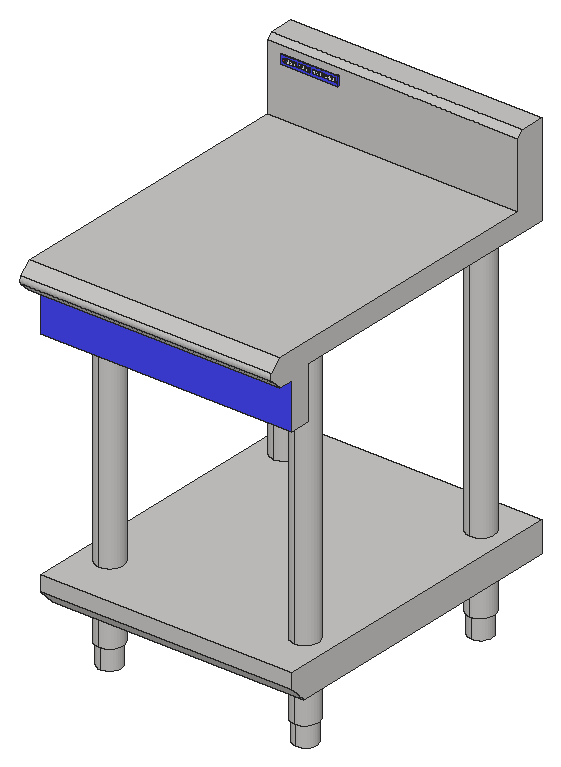
Revit family "QF_MOFFAT_BLUESEAL_CE_B60-LS", category Specialty Equipment, Revit 2012
Parameters
  Weight in Pounds = 103  # constant formula
  Width [instance] = 600.00 mm  # constant formula
  URL Cutsheet = "www.moffat.com"
  URL = "www.moffat.com"
  Type Mark [instance] = ""
  Status [instance] = ""
  Specification by User [instance] = ""
  Specification by Manufacturer = ""
  Show Logo [instance] = yes
  Show Casters [instance] = no
  Serial Number = ""
  Seismic Rating = ""
  SMACNA No = ""
  Revision Code [instance] = ""
  Omniclass Number and Title = ""
  NAFEM Spec ID Number = ""
  Model = "B60-LS"
  Masterspec = ""
  Manufacturer = "MOFFAT BLUESEAL"
  Legs [instance] = not(Show Casters)  # yes
  Item Number [instance] = ""
  Installed By [instance] = ""
  Identify Quantity as Lot [instance] = yes
  Height = 1085.00 mm  # constant formula
  Furnished By [instance] = ""
  Foodservice Equipment Identifier [instance] = yes
  Description = "600MM BENCH TOP ON LEG STAND"
  Depth [instance] = 812.00 mm  # constant formula
  CSI MasterFormat = ""
  CSI Master Format = ""
  Back Splash [instance] = 57.00 mm  # constant formula
Reference planes
  plane 1 "BACK": y = 0
  plane 2: z = 0
  plane 3 "LEFT": x = 0
  plane 4 "RIGHT": x = 600
  plane 5 "FRONT": y = -812
  plane 6 "TOP": z = 972
  plane 7 "Center Y": x = 300
  plane 8 "Center X": y = -406
  plane 9 "Base Height": z = 150
  plane 10: z = 915
  plane 11: x = 65
  plane 12: x = 384
  plane 13: y = -625
  plane 14: y = -100
  plane 15: z = 1085
  plane 16: x = 450
Forms (mm)
  Extrusion 1, solid, material "QF_Finishes_Stainless Steel"
    sketch origin (0, 0, 0) x (0, 1, 0) y (0, 0, 1)
      loop
        line (0, 222.5) -> (-749, 222.5) -> (-749, 186) -> (-713, 150) -> (0, 150) -> (0, 222.5)
      loop
        line (-70, 915) -> (-783.97, 915) -> (-808.485, 890.485)
        arc (-808.485, 890.485) -> (-811.999, 882) -> (-808.485, 873.515) r 12
        line (-808.485, 873.515) -> (-784.97, 850) -> (-749, 850) -> (-749, 740) -> (-699, 740) -> (-699, 864.5) -> (0, 864.5) -> (0, 1085.5) -> (-57, 1085.5) -> (-70, 1072.5) -> (-70, 915)
    from 0 to 600
  Revolve 2, solid, material "QF_Finishes_Stainless Steel"
    sketch origin (65, -728, 0) x (0, 1, 0) y (0, 0, 1)
      loop
        line (71.25, 864.5) -> (71.25, 50) -> (75.5, 50) -> (75.5, 0) -> (103, 0) -> (103, 864.5) -> (71.25, 864.5)
      axis (103, 864.5) -> (103, 0)
    angle from 0 to 360
  Revolve 3, solid, material "QF_Finishes_Stainless Steel"
    sketch origin (534, -728, 0) x (0, 1, 0) y (0, 0, -1)
      loop
        line (71.25, -864.5) -> (103, -864.5) -> (103, 0) -> (75.5, 0) -> (75.5, -50) -> (71.25, -50) -> (71.25, -864.5)
      axis (103, -864.5) -> (103, 0)
    angle from 0 to 360
  Revolve 4, solid, material "QF_Finishes_Stainless Steel", visible <- "Show Casters"
    sketch origin (15.776, -99.755, -13.653) x (1, 0, 0) y (0, 0, 1)
      loop
        line (14.841, 63.604) -> (83.584, 63.604) -> (83.584, 67.109) -> (82.314, 68.379) -> (80.79, 68.379) -> (80.79, 71.826) -> (68.644, 71.826) -> (68.644, 81.79) -> (65.088, 83.843) -> (63.738, 92.179) -> (65.881, 92.179) -> (65.881, 98.529) -> (65.088, 98.529) -> (65.088, 104.879)
        arc (65.088, 104.879) -> (62.298, 111.614) -> (55.563, 114.404) r 9.525
        line (55.563, 114.404) -> (42.863, 114.404)
        arc (42.863, 114.404) -> (36.127, 111.614) -> (33.338, 104.879) r 9.525
        line (33.338, 104.879) -> (33.338, 98.529) -> (32.544, 98.529) -> (32.544, 92.179) -> (34.687, 92.179) -> (33.352, 83.932) -> (29.782, 81.871) -> (29.782, 71.826) -> (17.635, 71.826) -> (17.635, 68.379) -> (16.111, 68.379) -> (14.841, 67.109) -> (14.841, 63.604)
      axis (14.841, 63.604) -> (83.584, 63.604)
    angle from 0 to 360
  Extrusion 5, solid, material "QF_Finishes_Stainless Steel", visible <- "Show Casters"
    sketch origin (71.501, 133.353, -8.783) x (0, 1, 0) y (0, 0, 1)
      loop
        line (-201.603, 118.783) -> (-265.103, 118.783) -> (-252.746, 53.895)
        arc (-252.746, 53.895) -> (-233.353, 38.783) -> (-213.959, 53.895) r 20
        line (-213.959, 53.895) -> (-201.603, 118.783)
    from -35.667 to 22.923
  Revolve 6, solid, material "QF_Finishes_Stainless Steel", visible <- "Show Casters"
    sketch origin (65, -203, 0) x (0, 1, 0) y (0, 0, 1)
      loop
        line (67.25, 150) -> (67.25, 110) -> (103, 110) -> (103, 150) -> (67.25, 150)
      axis (103, 150) -> (103, 110)
    angle from 0 to 360
  Revolve 7, solid, material "QF_Finishes_Stainless Steel", visible <- "Show Casters"
    sketch origin (534, -203, 0) x (0, 1, 0) y (0, 0, -1)
      loop
        line (67.25, -150) -> (103, -150) -> (103, -110) -> (67.25, -110) -> (67.25, -150)
      axis (103, -150) -> (103, -110)
    angle from 0 to 360
  Revolve 8, solid, material "QF_Finishes_Stainless Steel", visible <- "Show Casters"
    sketch origin (484.776, -99.755, -13.653) x (1, 0, 0) y (0, 0, 1)
      loop
        line (14.841, 63.604) -> (83.584, 63.604) -> (83.584, 67.109) -> (82.314, 68.379) -> (80.79, 68.379) -> (80.79, 71.826) -> (68.644, 71.826) -> (68.644, 81.79) -> (65.088, 83.843) -> (63.738, 92.179) -> (65.881, 92.179) -> (65.881, 98.529) -> (65.088, 98.529) -> (65.088, 104.879)
        arc (65.088, 104.879) -> (62.298, 111.614) -> (55.563, 114.404) r 9.525
        line (55.563, 114.404) -> (42.863, 114.404)
        arc (42.863, 114.404) -> (36.127, 111.614) -> (33.338, 104.879) r 9.525
        line (33.338, 104.879) -> (33.338, 98.529) -> (32.544, 98.529) -> (32.544, 92.179) -> (34.687, 92.179) -> (33.352, 83.932) -> (29.782, 81.871) -> (29.782, 71.826) -> (17.635, 71.826) -> (17.635, 68.379) -> (16.111, 68.379) -> (14.841, 67.109) -> (14.841, 63.604)
      axis (14.841, 63.604) -> (83.584, 63.604)
    angle from 0 to 360
  Extrusion 9, solid, material "QF_Finishes_Stainless Steel", visible <- "Show Casters"
    sketch origin (540.501, 133.353, -8.783) x (0, 1, 0) y (0, 0, 1)
      loop
        line (-201.603, 118.783) -> (-265.103, 118.783) -> (-252.746, 53.895)
        arc (-252.746, 53.895) -> (-233.353, 38.783) -> (-213.959, 53.895) r 20
        line (-213.959, 53.895) -> (-201.603, 118.783)
    from -35.667 to 22.923
  Revolve 10, solid, material "QF_Finishes_Stainless Steel", visible <- "Legs"
    sketch origin (65, -165, 0) x (0, 1, 0) y (0, 0, 1)
      loop
        line (33.25, 150) -> (33.25, 50) -> (37.5, 50) -> (37.5, 0) -> (65, 0) -> (65, 150) -> (33.25, 150)
      axis (65, 150) -> (65, 0)
    angle from 0 to 360
  Revolve 11, solid, material "QF_Finishes_Stainless Steel", visible <- "Legs"
    sketch origin (534, -165, 0) x (0, 1, 0) y (0, 0, -1)
      loop
        line (33.25, -150) -> (65, -150) -> (65, 0) -> (37.5, 0) -> (37.5, -50) -> (33.25, -50) -> (33.25, -150)
      axis (65, -150) -> (65, 0)
    angle from 0 to 360
  Revolve 12, solid, material "QF_Finishes_Stainless Steel"
    sketch origin (65, -203, 150) x (0, 1, 0) y (0, 0, 1)
      loop
        line (71.25, 714.5) -> (71.25, 50) -> (75.5, 50) -> (75.5, 0) -> (103, 0) -> (103, 714.5) -> (71.25, 714.5)
      axis (103, 714.5) -> (103, 0)
    angle from 0 to 360
  Revolve 13, solid, material "QF_Finishes_Stainless Steel"
    sketch origin (534, -203, 150) x (0, 1, 0) y (0, 0, -1)
      loop
        line (71.25, -714.5) -> (103, -714.5) -> (103, 0) -> (75.5, 0) -> (75.5, -50) -> (71.25, -50) -> (71.25, -714.5)
      axis (103, -714.5) -> (103, 0)
    angle from 0 to 360
Cuts and joins
  joined: Extrusion 1, Revolve 2, Revolve 3, Revolve 12, Revolve 13
Lines and regions (mm)
  Split face 1
    outline origin (600, 0, 1085.5) x (-1, 0, 0) y (0, -1, 0)
      loop
        arc (567.204, 18.385) -> (575.864, 23.385) -> (575.864, 33.385) r 10
        line (575.864, 33.385) -> (571.822, 40.385)
        arc (571.822, 40.385) -> (568.162, 44.045) -> (563.162, 45.385) r 10
        line (563.162, 45.385) -> (335.093, 45.385)
        arc (335.093, 45.385) -> (326.433, 40.385) -> (326.433, 30.385) r 10
        line (326.433, 30.385) -> (330.474, 23.385)
        arc (330.474, 23.385) -> (334.135, 19.725) -> (339.135, 18.385) r 10
        line (339.135, 18.385) -> (567.204, 18.385)
  Split face 2
    outline origin (916.218, 0.927, 1085.5) x (-1, 0, 0) y (0, -1, 0)
      loop
        arc (583.305, 19.313) -> (591.965, 24.313) -> (591.965, 34.313) r 10
        line (591.965, 34.313) -> (587.923, 41.313)
        arc (587.923, 41.313) -> (584.263, 44.973) -> (579.263, 46.313) r 10
        line (579.263, 46.313) -> (351.194, 46.313)
        arc (351.194, 46.313) -> (342.534, 41.313) -> (342.534, 31.313) r 10
        line (342.534, 31.313) -> (346.575, 24.313)
        arc (346.575, 24.313) -> (350.236, 20.652) -> (355.236, 19.313) r 10
        line (355.236, 19.313) -> (583.305, 19.313)
  symbolic lines
    curve 1: line (0, 0, 0) -> (0, -812, 0)
    curve 2: line (600, 0, 0) -> (0, 0, 0)
    curve 3: line (600, -812, 0) -> (600, 0, 0)
    curve 4: line (0, -70, 0) -> (600, -70, 0)
    curve 5: line (0, -812, 0) -> (600, -812, 0)
    curve 10: line (36.838, -45.385, 0) -> (264.796, -45.385, 0)
    curve 11: arc (264.796, -45.385, 0) -> (273.457, -40.385, 0) -> (273.457, -30.385, 0) r 10
    curve 12: line (273.457, -30.385, 0) -> (269.415, -23.385, 0)
    curve 13: arc (269.415, -23.385, 0) -> (265.755, -19.725, 0) -> (260.755, -18.385, 0) r 10
    curve 14: line (260.755, -18.385, 0) -> (32.796, -18.385, 0)
    curve 15: arc (32.796, -18.385, 0) -> (24.136, -23.385, 0) -> (24.136, -33.385, 0) r 10
    curve 16: line (24.136, -33.385, 0) -> (28.178, -40.385, 0)
    curve 17: arc (28.178, -40.385, 0) -> (31.838, -44.045, 0) -> (36.838, -45.385, 0) r 10
    curve 18: line (336.954, -45.385, 0) -> (564.913, -45.385, 0)
    curve 19: arc (564.913, -45.385, 0) -> (573.573, -40.385, 0) -> (573.573, -30.385, 0) r 10
    curve 20: line (573.573, -30.385, 0) -> (569.532, -23.385, 0)
    curve 21: arc (569.532, -23.385, 0) -> (565.872, -19.725, 0) -> (560.872, -18.385, 0) r 10
    curve 22: line (560.872, -18.385, 0) -> (332.913, -18.385, 0)
    curve 23: arc (332.913, -18.385, 0) -> (324.253, -23.385, 0) -> (324.253, -33.385, 0) r 10
    curve 24: line (324.253, -33.385, 0) -> (328.294, -40.385, 0)
    curve 25: arc (328.294, -40.385, 0) -> (331.954, -44.045, 0) -> (336.954, -45.385, 0) r 10
  symbolic lines, style "SpecialityEquipmentHiddenLines", visible <- "Show Casters"
    curve 6: line (78.456, -47.735, 0) -> (105.952, -63.61, 0)
    curve 7: line (27.656, -135.723, 0) -> (78.456, -47.735, 0)
    curve 8: line (55.152, -151.598, 0) -> (27.656, -135.723, 0)
    curve 9: line (105.952, -63.61, 0) -> (55.152, -151.598, 0)
    curve 26: line (547.456, -47.735, 0) -> (574.952, -63.61, 0)
    curve 27: line (496.656, -135.723, 0) -> (547.456, -47.735, 0)
    curve 28: line (524.152, -151.598, 0) -> (496.656, -135.723, 0)
    curve 29: line (574.952, -63.61, 0) -> (524.152, -151.598, 0)
Dimensions and locks
  equal spacing: plane 3 "LEFT", plane 7 "Center Y", plane 4 "RIGHT"
  "Width": plane 3 "LEFT" to plane 4 "RIGHT"
  equal spacing: plane 5 "FRONT", plane 8 "Center X", plane 1 "BACK"
  "Depth": plane 5 "FRONT" to plane 1 "BACK"
  locked: plane 10 to level at 915
  locked: plane 9 "Base Height" to level at 150
  plane 6 "TOP" to plane 10 = 57.00 mm
  plane 13 to plane 14 = 525.00 mm
  plane 12 to plane 11 = 319.00 mm
  "Height": plane 15 to level
  Extrusion 1 sketch curve to level = 915.00 mm
  Revolve 4 sketch curve to Revolve 4 sketch curve = 50.80 mm
  Revolve 8 sketch curve to Revolve 8 sketch curve = 50.80 mm
  aligned and locked: level to plane 2
Automatic sketch dimensions
  Extrusion 1 sketch curve to plane 9 "Base Height" = 0.00 mm
  Extrusion 1 sketch curve to plane 1 "BACK" = 0.00 mm  (x2)
  plane 15 to Extrusion 1 sketch curve = 0.50 mm
  plane 14 to Extrusion 1 sketch curve = 43.00 mm
  Extrusion 1 sketch curve to plane 15 = 12.50 mm
  Extrusion 1 sketch curve to Extrusion 1 sketch curve = 13.00 mm
  Extrusion 1 sketch curve to plane 13 = 74.00 mm
  Extrusion 1 sketch curve to plane 13 = 88.00 mm
  Extrusion 1 sketch curve to Extrusion 1 sketch curve = 50.00 mm
  Extrusion 1 sketch curve to Extrusion 1 sketch curve = 36.00 mm
  Extrusion 1 sketch curve to plane 5 "FRONT" = 28.03 mm
  Extrusion 1 sketch curve to plane 5 "FRONT" = 27.03 mm
  Extrusion 1 sketch curve to plane 5 "FRONT" = 12.001 mm
  Extrusion 1 sketch curve to plane 5 "FRONT" = 3.515 mm  (x2)
  plane 9 "Base Height" to Extrusion 1 sketch curve = 36.00 mm
  Extrusion 1 sketch curve to Extrusion 1 sketch curve = 36.50 mm
  Extrusion 1 sketch curve to plane 10 = 175.00 mm
  Extrusion 1 sketch curve to plane 10 = 65.00 mm
  Extrusion 1 sketch curve to plane 10 = 50.50 mm
  Extrusion 1 sketch curve to Extrusion 1 sketch curve = 23.515 mm
  Extrusion 1 sketch curve to Extrusion 1 sketch curve = 8.485 mm
  Revolve 2 sketch curve to level = 0.00 mm
  Revolve 2 sketch curve to plane 13 = 0.00 mm  (x2)
  Revolve 2 sketch curve to plane 13 = 27.50 mm
  Revolve 2 sketch curve to Revolve 2 sketch curve = 31.75 mm
  Revolve 2 sketch curve to Revolve 2 sketch curve = 55.00 mm
  level to Revolve 2 sketch curve = 50.00 mm
  Revolve 2 sketch curve to Revolve 2 sketch curve = 0.00 mm
  Revolve 2 sketch curve to plane 10 = 50.50 mm
  Revolve 3 sketch curve to level = 0.00 mm
  Revolve 3 sketch curve to plane 13 = 0.00 mm  (x2)
  Revolve 3 sketch curve to plane 13 = 27.50 mm
  Revolve 3 sketch curve to plane 13 = 31.75 mm
  level to Revolve 3 sketch curve = 50.00 mm
  Revolve 3 sketch curve to Revolve 3 sketch curve = 0.00 mm
  Revolve 3 sketch curve to plane 10 = 50.50 mm
  Revolve 3 sketch curve to Revolve 3 sketch curve = 55.00 mm
  plane 3 "LEFT" to Revolve 4 sketch curve = 30.618 mm
  Revolve 4 sketch curve to Revolve 4 sketch curve = 1.27 mm  (x4)
  Revolve 4 sketch curve to Revolve 4 sketch curve = 1.524 mm  (x2)
  Revolve 4 sketch curve to Revolve 4 sketch curve = 12.146 mm  (x2)
  Revolve 4 sketch curve to plane 11 = 16.68 mm
  Revolve 4 sketch curve to Revolve 4 sketch curve = 0.794 mm  (x2)
  Revolve 4 sketch curve to Revolve 4 sketch curve = 3.57 mm
  Revolve 4 sketch curve to Revolve 4 sketch curve = 2.143 mm
  Revolve 4 sketch curve to plane 11 = 6.361 mm
  plane 11 to Revolve 4 sketch curve = 5.13 mm
  plane 11 to Revolve 4 sketch curve = 6.339 mm
  plane 11 to Revolve 4 sketch curve = 14.515 mm
  Revolve 4 sketch curve to Revolve 4 sketch curve = 1.349 mm  (x2)
  Revolve 4 sketch curve to Revolve 4 sketch curve = 3.556 mm
  Revolve 4 sketch curve to Revolve 4 sketch curve = 33.32 mm
  level to Revolve 4 sketch curve = 49.952 mm
  Revolve 4 sketch curve to Revolve 4 sketch curve = 0.00 mm
  Revolve 4 sketch curve to Revolve 4 sketch curve = 3.505 mm  (x2)
  Revolve 4 sketch curve to Revolve 4 sketch curve = 3.447 mm  (x2)
  Revolve 4 sketch curve to Revolve 4 sketch curve = 9.964 mm
  Revolve 4 sketch curve to Revolve 4 sketch curve = 10.045 mm
  Revolve 4 sketch curve to Revolve 4 sketch curve = 2.053 mm
  Revolve 4 sketch curve to Revolve 4 sketch curve = 2.061 mm
  Revolve 4 sketch curve to Revolve 4 sketch curve = 8.247 mm
  Revolve 4 sketch curve to Revolve 4 sketch curve = 8.336 mm
  Revolve 4 sketch curve to Revolve 4 sketch curve = 6.35 mm  (x2)
  Extrusion 5 sketch curve to plane 14 = 0.00 mm
  Extrusion 5 sketch curve to plane 14 = 19.393 mm
  Extrusion 5 sketch curve to plane 14 = 31.75 mm
  plane 14 to Extrusion 5 sketch curve = 19.393 mm
  plane 14 to Extrusion 5 sketch curve = 31.75 mm
  level to Extrusion 5 sketch curve = 45.111 mm
  Extrusion 5 sketch curve to Extrusion 5 sketch curve = 4.889 mm
  Extrusion 5 sketch curve to plane 9 "Base Height" = 40.00 mm
  Revolve 6 sketch curve to plane 9 "Base Height" = 0.00 mm
  Revolve 6 sketch curve to plane 14 = 0.00 mm  (x2)
  Revolve 6 sketch curve to plane 14 = 35.75 mm
  Revolve 6 sketch curve to Revolve 6 sketch curve = 40.00 mm
  level to Revolve 6 sketch curve = 50.00 mm
  Revolve 6 sketch curve to level = 55.00 mm
  Revolve 7 sketch curve to plane 9 "Base Height" = 0.00 mm
  Revolve 7 sketch curve to plane 14 = 0.00 mm  (x2)
  Revolve 7 sketch curve to plane 14 = 35.75 mm
  Revolve 7 sketch curve to plane 9 "Base Height" = 40.00 mm
  level to Revolve 7 sketch curve = 50.00 mm
  Revolve 7 sketch curve to level = 55.00 mm
  Revolve 8 sketch curve to plane 12 = 115.618 mm
  Revolve 8 sketch curve to Revolve 8 sketch curve = 1.27 mm  (x4)
  Revolve 8 sketch curve to Revolve 8 sketch curve = 1.524 mm  (x2)
  Revolve 8 sketch curve to Revolve 8 sketch curve = 12.146 mm  (x2)
  Revolve 8 sketch curve to plane 12 = 133.32 mm
  Revolve 8 sketch curve to Revolve 8 sketch curve = 0.794 mm  (x2)
  Revolve 8 sketch curve to Revolve 8 sketch curve = 3.57 mm
  Revolve 8 sketch curve to Revolve 8 sketch curve = 2.143 mm
  Revolve 8 sketch curve to plane 12 = 143.639 mm
  Revolve 8 sketch curve to plane 12 = 155.13 mm
  Revolve 8 sketch curve to plane 12 = 156.339 mm
  Revolve 8 sketch curve to plane 12 = 164.515 mm
  Revolve 8 sketch curve to Revolve 8 sketch curve = 1.349 mm  (x2)
  Revolve 8 sketch curve to Revolve 8 sketch curve = 3.556 mm
  Revolve 8 sketch curve to plane 4 "RIGHT" = 151.68 mm
  level to Revolve 8 sketch curve = 49.952 mm
  Revolve 8 sketch curve to Revolve 8 sketch curve = 0.00 mm
  Revolve 8 sketch curve to Revolve 8 sketch curve = 3.505 mm  (x2)
  Revolve 8 sketch curve to Revolve 8 sketch curve = 3.447 mm  (x2)
  Revolve 8 sketch curve to Revolve 8 sketch curve = 9.964 mm
  Revolve 8 sketch curve to Revolve 8 sketch curve = 10.045 mm
  Revolve 8 sketch curve to Revolve 8 sketch curve = 2.053 mm
  Revolve 8 sketch curve to Revolve 8 sketch curve = 2.061 mm
  Revolve 8 sketch curve to Revolve 8 sketch curve = 8.247 mm
  Revolve 8 sketch curve to Revolve 8 sketch curve = 8.336 mm
  Revolve 8 sketch curve to Revolve 8 sketch curve = 6.35 mm  (x2)
  Extrusion 9 sketch curve to plane 14 = 0.00 mm
  Extrusion 9 sketch curve to plane 14 = 19.393 mm
  Extrusion 9 sketch curve to plane 14 = 31.75 mm
  plane 14 to Extrusion 9 sketch curve = 19.393 mm
  plane 14 to Extrusion 9 sketch curve = 31.75 mm
  level to Extrusion 9 sketch curve = 45.111 mm
  Extrusion 9 sketch curve to Extrusion 9 sketch curve = 4.889 mm
  Extrusion 9 sketch curve to plane 9 "Base Height" = 40.00 mm
  Revolve 10 sketch curve to plane 9 "Base Height" = 0.00 mm
  Revolve 10 sketch curve to level = 0.00 mm
  Revolve 10 sketch curve to plane 14 = 0.00 mm  (x2)
  Revolve 10 sketch curve to Revolve 10 sketch curve = 27.50 mm
  Revolve 10 sketch curve to Revolve 10 sketch curve = 31.75 mm
  Revolve 10 sketch curve to level = 55.00 mm
  Revolve 10 sketch curve to Revolve 10 sketch curve = 50.00 mm
  Revolve 10 sketch curve to Revolve 10 sketch curve = 0.00 mm
  Revolve 11 sketch curve to plane 9 "Base Height" = 0.00 mm
  Revolve 11 sketch curve to level = 0.00 mm
  Revolve 11 sketch curve to plane 14 = 0.00 mm  (x2)
  Revolve 11 sketch curve to Revolve 11 sketch curve = 27.50 mm
  Revolve 11 sketch curve to Revolve 11 sketch curve = 31.75 mm
  level to Revolve 11 sketch curve = 50.00 mm
  Revolve 11 sketch curve to Revolve 11 sketch curve = 0.00 mm
  Revolve 11 sketch curve to Revolve 11 sketch curve = 55.00 mm
  level to Revolve 12 sketch curve = 150.00 mm
  Revolve 12 sketch curve to plane 14 = 0.00 mm  (x2)
  Revolve 12 sketch curve to plane 14 = 27.50 mm
  Revolve 12 sketch curve to Revolve 12 sketch curve = 31.75 mm
  Revolve 12 sketch curve to Revolve 12 sketch curve = 55.00 mm
  level to Revolve 12 sketch curve = 200.00 mm
  Revolve 12 sketch curve to Revolve 12 sketch curve = 0.00 mm
  Revolve 12 sketch curve to plane 10 = 50.50 mm
  level to Revolve 13 sketch curve = 150.00 mm
  Revolve 13 sketch curve to plane 14 = 0.00 mm  (x2)
  Revolve 13 sketch curve to plane 14 = 27.50 mm
  Revolve 13 sketch curve to plane 14 = 31.75 mm
  level to Revolve 13 sketch curve = 200.00 mm
  Revolve 13 sketch curve to Revolve 13 sketch curve = 0.00 mm
  Revolve 13 sketch curve to plane 10 = 50.50 mm
  Revolve 13 sketch curve to Revolve 13 sketch curve = 55.00 mm
  Split face 1 sketch curve to cut or joined group of Extrusion 1, Revolve 2, Revolve 3, Revolve 12, Revolve 13 = 26.615 mm
  Split face 1 sketch curve to cut or joined group of Extrusion 1, Revolve 2, Revolve 3, Revolve 12, Revolve 13 = 23.385 mm
  Split face 1 sketch curve to Split face 1 sketch curve = 4.041 mm  (x4)
  Split face 1 sketch curve to Split face 1 sketch curve = 8.66 mm  (x2)
  Split face 1 sketch curve to cut or joined group of Extrusion 1, Revolve 2, Revolve 3, Revolve 12, Revolve 13 = 11.615 mm
  Split face 1 sketch curve to cut or joined group of Extrusion 1, Revolve 2, Revolve 3, Revolve 12, Revolve 13 = 36.838 mm
  Split face 1 sketch curve to cut or joined group of Extrusion 1, Revolve 2, Revolve 3, Revolve 12, Revolve 13 = 16.615 mm
  Split face 1 sketch curve to Split face 1 sketch curve = 17.00 mm
  Split face 1 sketch curve to Split face 1 sketch curve = 7.00 mm
  Split face 1 sketch curve to cut or joined group of Extrusion 1, Revolve 2, Revolve 3, Revolve 12, Revolve 13 = 339.135 mm
  Split face 2 sketch curve to cut or joined group of Extrusion 1, Revolve 2, Revolve 3, Revolve 12, Revolve 13 = 26.316 mm
  Split face 2 sketch curve to Split face 2 sketch curve = 4.041 mm  (x4)
  Split face 2 sketch curve to Split face 2 sketch curve = 8.66 mm  (x2)
  Split face 2 sketch curve to cut or joined group of Extrusion 1, Revolve 2, Revolve 3, Revolve 12, Revolve 13 = 11.615 mm
  Split face 2 sketch curve to Split face 2 sketch curve = 224.028 mm
  Split face 2 sketch curve to Split face 2 sketch curve = 5.00 mm
  Split face 2 sketch curve to Split face 2 sketch curve = 10.00 mm
  Split face 2 sketch curve to Split face 2 sketch curve = 7.00 mm  (x3)
  curve 1 to plane 3 "LEFT" = 0.00 mm
  curve 5 to plane 4 "RIGHT" = 0.00 mm
  plane 5 "FRONT" to curve 1 = 0.00 mm
  plane 1 "BACK" to curve 2 = 0.00 mm
  plane 3 "LEFT" to curve 15 = 24.136 mm
  plane 3 "LEFT" to curve 7 = 27.656 mm
  curve 15 to curve 17 = 4.041 mm  (x2)
  curve 15 to curve 15 = 8.66 mm
  curve 9 to plane 11 = 9.848 mm
  plane 11 to curve 7 = 13.456 mm
  plane 1 "BACK" to curve 14 = 18.385 mm
  curve 14 to plane 7 "Center Y" = 39.245 mm
  curve 13 to curve 11 = 4.041 mm
  curve 13 to curve 13 = 8.66 mm
  curve 13 to curve 12 = 4.041 mm
  plane 7 "Center Y" to curve 23 = 24.253 mm
  curve 23 to curve 25 = 4.041 mm
  curve 23 to curve 23 = 8.66 mm
  curve 24 to curve 18 = 8.66 mm
  curve 27 to plane 12 = 112.656 mm
  curve 29 to plane 12 = 140.152 mm
  curve 27 to plane 12 = 163.456 mm
  plane 4 "RIGHT" to curve 21 = 39.128 mm
  curve 21 to curve 19 = 4.041 mm
  curve 21 to curve 21 = 8.66 mm
  curve 21 to curve 20 = 4.041 mm
  curve 9 to plane 14 = 51.598 mm
  curve 28 to plane 14 = 51.598 mm
  curve 28 to curve 28 = 15.875 mm
  curve 8 to curve 8 = 15.875 mm
  plane 14 to curve 4 = 30.00 mm
  curve 10 to curve 14 = 27.00 mm
  curve 4 to curve 18 = 24.615 mm
  curve 18 to curve 25 = 5.00 mm
  curve 10 to curve 17 = 5.00 mm
  curve 18 to curve 19 = 10.00 mm
  curve 10 to curve 11 = 10.00 mm
  curve 25 to curve 24 = 7.00 mm
  curve 16 to curve 15 = 7.00 mm
  curve 19 to curve 21 = 7.00 mm
  curve 11 to curve 13 = 7.00 mm
  curve 25 to curve 23 = 7.00 mm
Nested families
  nested 1: "WALDORF LOGO_FACE BASE" at (32.128, -70, 1056.422) x (1, 0, 0) z (0, -1, 0), visible <- "Show Logo", type "WALDORF LOGO_FACE BASE", detail levels medium+fine
    with Show Logo yes
Definition of nested family "WALDORF LOGO_FACE BASE"
  Parameters (values of type "WALDORF LOGO_FACE BASE")
    Show Logo [instance] = yes
    Default Elevation = 1219.20 mm
  Reference planes
    plane 1 "Center (Front/Back)": y = 0
    plane 2: z = 0
    plane 3 "Center (Left/Right)": x = 0
  Forms (mm)
    Extrusion 1, solid
      sketch origin (0, 0, 0) x (1, 0, 0) y (0, 1, 0)
        loop
          line (-1219.2, 1219.2) -> (-1219.2, -1219.2) -> (1219.2, -1219.2) -> (1219.2, 1219.2) -> (-1219.2, 1219.2)
      from 0 to -304.8
    Extrusion 2, solid, material "QF_Finishes_Blue", visible <- "Show Logo"
      sketch origin (0, -33.217, 0) x (1, 0, 0) y (0, 1, 0)
        loop
          arc (138, 31.942) -> (137.626, 32.844) -> (136.724, 33.217) r 1.276
          line (136.724, 33.217) -> (1.29, 33.217)
          arc (1.29, 33.217) -> (0.378, 32.839) -> (0, 31.927) r 1.29
          line (0, 31.927) -> (0, 11.507)
          arc (0, 11.507) -> (0.378, 10.595) -> (1.29, 10.217) r 1.29
          line (1.29, 10.217) -> (136.71, 10.217)
          arc (136.71, 10.217) -> (137.622, 10.595) -> (138, 11.507) r 1.29
          line (138, 11.507) -> (138, 31.942)
      from 0 to 1.588
    Extrusion 3, solid, material "QF_Finishes_White", visible <- "Show Logo"
      sketch origin (0, -33.217, 1.588) x (1, 0, 0) y (0, 1, 0)
        loop
          arc (108.946, 25.919) -> (107.613, 25.367) -> (107.061, 24.034) r 1.885
          line (107.061, 24.034) -> (107.061, 17.211) -> (112.704, 17.211) -> (112.704, 19.129) -> (115.546, 19.129) -> (115.546, 17.211) -> (121.584, 17.211) -> (121.584, 24.075)
          arc (121.584, 24.075) -> (121.043, 25.379) -> (119.739, 25.919) r 1.845
          line (119.739, 25.919) -> (108.946, 25.919)
        loop
          line (123.478, 25.919) -> (123.478, 17.163) -> (134.904, 17.163) -> (134.904, 19.129) -> (129.246, 19.129) -> (129.246, 25.919) -> (123.478, 25.919)
        loop
          line (112.704, 21.258) -> (115.546, 21.258) -> (115.546, 22.702)
          arc (115.546, 22.702) -> (115.344, 23.188) -> (114.858, 23.389) r 0.687
          line (114.858, 23.389) -> (113.363, 23.389)
          arc (113.363, 23.389) -> (112.897, 23.196) -> (112.704, 22.73) r 0.658
          line (112.704, 22.73) -> (112.704, 21.258)
        loop
          line (105.071, 25.919) -> (93.771, 25.919) -> (93.771, 17.163) -> (105.071, 17.163) -> (105.071, 19.063) -> (99.535, 19.063) -> (99.535, 20.437) -> (105.071, 20.437) -> (105.071, 22.278) -> (99.535, 22.278) -> (99.535, 23.587) -> (105.071, 23.587) -> (105.071, 25.919)
        loop
          line (91.104, 25.919) -> (79.541, 25.919)
          arc (79.541, 25.919) -> (78.558, 25.513) -> (78.152, 24.53) r 1.389
          line (78.152, 24.53) -> (78.152, 22.08)
          arc (78.152, 22.08) -> (78.558, 21.098) -> (79.541, 20.691) r 1.389
          line (79.541, 20.691) -> (86.346, 20.691) -> (86.346, 18.864) -> (83.266, 18.864) -> (83.266, 19.664) -> (78.152, 19.664) -> (78.152, 18.553)
          arc (78.152, 18.553) -> (78.558, 17.57) -> (79.541, 17.163) r 1.389
          line (79.541, 17.163) -> (91.063, 17.163)
          arc (91.063, 17.163) -> (92.045, 17.57) -> (92.452, 18.553) r 1.389
          line (92.452, 18.553) -> (92.452, 20.691)
          arc (92.452, 20.691) -> (92.045, 21.673) -> (91.063, 22.08) r 1.389
          line (91.063, 22.08) -> (83.266, 22.08) -> (83.266, 23.984) -> (86.346, 23.984) -> (86.346, 22.743) -> (92.452, 22.743) -> (92.452, 24.571)
          arc (92.452, 24.571) -> (92.057, 25.524) -> (91.104, 25.919) r 1.348
        loop
          line (70.705, 25.919) -> (59.405, 25.919) -> (59.405, 17.163) -> (70.705, 17.163) -> (70.705, 19.063) -> (65.169, 19.063) -> (65.169, 20.437) -> (70.705, 20.437) -> (70.705, 22.278) -> (65.169, 22.278) -> (65.169, 23.587) -> (70.705, 23.587) -> (70.705, 25.919)
        loop
          line (57.598, 25.919) -> (51.7, 25.919) -> (51.7, 20.18)
          arc (51.7, 20.18) -> (50.63, 19.11) -> (49.56, 20.18) r 1.07
          line (49.56, 20.18) -> (49.56, 25.919) -> (43.663, 25.919) -> (43.663, 19.049)
          arc (43.663, 19.049) -> (44.215, 17.716) -> (45.548, 17.163) r 1.885
          line (45.548, 17.163) -> (55.71, 17.163)
          arc (55.71, 17.163) -> (57.045, 17.716) -> (57.598, 19.051) r 1.887
          line (57.598, 19.051) -> (57.598, 25.919)
        loop
          line (31.62, 25.919) -> (31.62, 17.163) -> (43.046, 17.163) -> (43.046, 19.129) -> (37.388, 19.129) -> (37.388, 25.919) -> (31.62, 25.919)
        loop
          line (15.969, 25.919) -> (15.969, 17.163) -> (28.693, 17.163)
          arc (28.693, 17.163) -> (29.812, 17.627) -> (30.276, 18.746) r 1.582
          line (30.276, 18.746) -> (30.276, 20.447) -> (29.48, 21.243) -> (30.276, 22.039) -> (30.276, 24.332)
          arc (30.276, 24.332) -> (29.811, 25.454) -> (28.688, 25.919) r 1.587
          line (28.688, 25.919) -> (15.969, 25.919)
        loop
          line (21.449, 24.159) -> (21.449, 22.436) -> (23.862, 22.436)
          arc (23.862, 22.436) -> (24.723, 23.298) -> (23.862, 24.159) r 0.861
          line (23.862, 24.159) -> (21.449, 24.159)
        loop
          line (21.449, 20.244) -> (21.449, 18.522) -> (23.862, 18.522)
          arc (23.862, 18.522) -> (24.723, 19.383) -> (23.862, 20.244) r 0.861
          line (23.862, 20.244) -> (21.449, 20.244)
      from 0 to 0.2
    Extrusion 4, solid, material "QF_Finishes_Blue", visible <- "Show Logo"
      sketch origin (-126.498, -31.09, 1.588) x (1, 0, 0) y (0, 1, 0)
        loop
          line (136.738, 23.522) -> (136.738, 15.1)
          arc (136.738, 15.1) -> (140.756, 19.311) -> (136.738, 23.522) r 4.216
      from 0 to 0.2
    Extrusion 5, solid, material "QF_Finishes_Red", visible <- "Show Logo"
      sketch origin (146.849, -31.09, 1.588) x (-1, 0, 0) y (0, -1, 0)
        loop
          arc (136.738, -23.522) -> (140.756, -19.311) -> (136.738, -15.1) r 4.216
          line (136.738, -15.1) -> (136.738, -23.522)
      from 0 to 0.2
  Lines and regions (mm)
    Split face 1
      outline origin (-90.35, -30.793, 1.588) x (1, 0, 0) y (0, 1, 0)
        loop
          circle (100.54, 19.013) r 4.536
  Dimensions and locks
    aligned and locked: plane 2 to Extrusion 1
    aligned and locked: level to Extrusion 1
